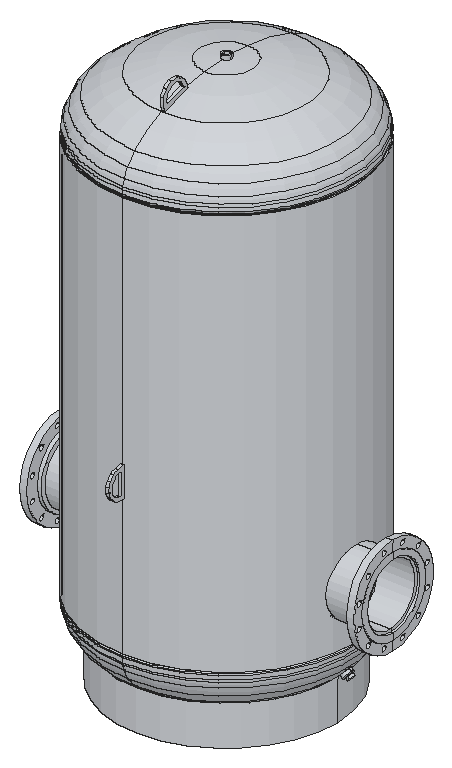
Revit family "CBT-500-10", category Generic Models, Revit 2014
Parameters (values of type "CBT-500-10")
  URL = "http://westank.com/"
  Tank Volume = 500.00 gal
  Part Number = 55420500
  Model = "CBT-500-10"
  Maximum Shipping Weight = 1150 lbf
  Flange Connector Diameter = 10"
  Description = "Wessels ASME Chilled Water Buffer Tanks (CBT) are designed for chilled water systems with insufficient water volume capacity in relation to the chiller capacity."
  D = 21 1/2"
  C = 36"
  B = 90"
  A = 42"
Reference planes (in)
  plane 1 "Center (Front/Back)": y = 0
  plane 2: z = 0
  plane 3 "Center (Left/Right)": x = 0
  plane 4: through (12.55282, -180, 5.24135) normal (0.8192, 0, -0.5736)
  plane 5: x = -21
  plane 6: x = 21
  plane 7: z = 0
  plane 8: x = -18
  plane 9: x = 18
  plane 10: z = 90
  plane 11: x = -0.0258
  plane 12: z = 21.5
Forms (in)
  Revolve 1, solid
    sketch origin (0, -0.02461, 0) x (0, 1, 0) y (0, 0, 1)
      loop
        line (-20.98343, 12.74892) -> (-20.73343, 12.74892)
        arc (-20.73343, 12.74892) -> (-20.73317, 12.69468) -> (-20.75341, 12.64436) r 0.14097
        line (-20.75341, 12.64436) -> (-20.89995, 12.41871)
        arc (-20.89995, 12.41871) -> (-20.95426, 12.32639) -> (-20.972, 12.22075) r 0.29477
        arc (-20.972, 12.22075) -> (-20.95433, 11.87991) -> (-20.91255, 11.54119) r 4.81455
        arc (-20.91255, 11.54119) -> (-20.88738, 11.33901) -> (-20.85518, 11.13783) r 5.85367
        arc (-20.85518, 11.13783) -> (-20.76033, 10.64488) -> (-20.57955, 10.17657) r 2.81886
        arc (-20.57955, 10.17657) -> (-20.25069, 9.40478) -> (-19.83942, 8.67357) r 7.6618
        arc (-19.83942, 8.67357) -> (-19.17724, 7.78342) -> (-18.39344, 6.99824) r 7.6618
        arc (-18.39344, 6.99824) -> (-15.85417, 5.15678) -> (-13.03614, 3.77925) r 18.17851
        arc (-13.03614, 3.77925) -> (-8.72316, 2.45647) -> (-4.26681, 1.75469) r 31.93206
        arc (-4.26681, 1.75469) -> (-2.12278, 1.59929) -> (0.02461, 1.50032) r 81.76029
        line (0.02461, 1.50032) -> (0.02461, 1.67229)
        arc (0.02461, 1.67229) -> (-2.11543, 1.77104) -> (-4.25214, 1.92594) r 81.58842
        arc (-4.25214, 1.92594) -> (-8.6845, 2.62394) -> (-12.97427, 3.9396) r 31.76018
        arc (-12.97427, 3.9396) -> (-15.76565, 5.3041) -> (-18.28091, 7.12815) r 18.00664
        arc (-18.28091, 7.12815) -> (-19.04713, 7.89572) -> (-19.69446, 8.7659) r 7.48992
        arc (-19.69446, 8.7659) -> (-20.0986, 9.48498) -> (-20.42122, 10.24414) r 7.48992
        arc (-20.42122, 10.24414) -> (-20.59471, 10.69085) -> (-20.68482, 11.16153) r 2.64698
        arc (-20.68482, 11.16153) -> (-20.71707, 11.36219) -> (-20.74212, 11.56388) r 5.68179
        arc (-20.74212, 11.56388) -> (-20.78291, 11.89268) -> (-20.80015, 12.22356) r 4.64268
        arc (-20.80015, 12.22356) -> (-20.79107, 12.27197) -> (-20.76371, 12.31293) r 0.12289
        line (-20.76371, 12.31293) -> (-20.60926, 12.55075)
        arc (-20.60926, 12.55075) -> (-20.56519, 12.6582) -> (-20.56335, 12.77432) r 0.31284
        line (-20.56335, 12.77432) -> (-20.73343, 12.77432) -> (-20.73343, 78.726) -> (-20.56335, 78.726)
        arc (-20.56335, 78.726) -> (-20.56519, 78.84212) -> (-20.60926, 78.94957) r 0.31284
        line (-20.60926, 78.94957) -> (-20.76371, 79.18739)
        arc (-20.76371, 79.18739) -> (-20.79107, 79.22835) -> (-20.80015, 79.27676) r 0.12289
        arc (-20.80015, 79.27676) -> (-20.78291, 79.60764) -> (-20.74212, 79.93644) r 4.64268
        arc (-20.74212, 79.93644) -> (-20.71707, 80.13813) -> (-20.68482, 80.33879) r 5.68179
        arc (-20.68482, 80.33879) -> (-20.59471, 80.80947) -> (-20.42122, 81.25618) r 2.64698
        arc (-20.42122, 81.25618) -> (-20.0986, 82.01534) -> (-19.69446, 82.73441) r 7.48992
        arc (-19.69446, 82.73441) -> (-19.04713, 83.6046) -> (-18.28091, 84.37217) r 7.48992
        arc (-18.28091, 84.37217) -> (-15.76565, 86.19622) -> (-12.97427, 87.56072) r 18.00664
        arc (-12.97427, 87.56072) -> (-8.6845, 88.87638) -> (-4.25214, 89.57438) r 31.76018
        arc (-4.25214, 89.57438) -> (-2.11543, 89.72928) -> (0.02461, 89.82803) r 81.58842
        line (0.02461, 89.82803) -> (0.02461, 90)
        arc (0.02461, 90) -> (-2.12278, 89.90102) -> (-4.26681, 89.74563) r 81.76029
        arc (-4.26681, 89.74563) -> (-8.72316, 89.04385) -> (-13.03614, 87.72107) r 31.93206
        arc (-13.03614, 87.72107) -> (-15.85417, 86.34354) -> (-18.39344, 84.50208) r 18.17851
        arc (-18.39344, 84.50208) -> (-19.17724, 83.7169) -> (-19.83942, 82.82675) r 7.6618
        arc (-19.83942, 82.82675) -> (-20.25069, 82.09554) -> (-20.57955, 81.32375) r 7.6618
        arc (-20.57955, 81.32375) -> (-20.76033, 80.85544) -> (-20.85518, 80.36249) r 2.81886
        arc (-20.85518, 80.36249) -> (-20.88738, 80.16131) -> (-20.91255, 79.95913) r 5.85367
        arc (-20.91255, 79.95913) -> (-20.95433, 79.62041) -> (-20.972, 79.27957) r 4.81455
        arc (-20.972, 79.27957) -> (-20.95426, 79.17393) -> (-20.89995, 79.08161) r 0.29477
        line (-20.89995, 79.08161) -> (-20.75341, 78.85596)
        arc (-20.75341, 78.85596) -> (-20.73317, 78.80564) -> (-20.73343, 78.7514) r 0.14097
        line (-20.73343, 78.7514) -> (-20.98343, 78.7514) -> (-20.98343, 12.74892)
      axis (0.02461, 1.50032) -> (0.02461, 90)
    angle from 0 to 360
  Revolve 2, solid
    sketch origin (-3.00177, 0, 1.25063) x (-1, 0, 0) y (0, 0, 1)
      loop
        line (22.06073, 14.87435) -> (22.06073, 14.24932) -> (22.81073, 14.24932) -> (22.81073, 12.24932) -> (23.93561, 12.24932) -> (23.93561, 13.87437) -> (23.99813, 13.87437) -> (23.99813, 14.87435) -> (22.06073, 14.87435)
      axis (23.99813, 20.24937) -> (22.06073, 20.24937)
    angle from 0 to 360
  Revolve 3, solid
    sketch origin (-1.13969, 0, -5.02824) x (0.995224, 0, -0.097616) y (0.097616, 0, 0.995224)
      loop
        line (19.46386, 15.44148) -> (19.41219, 15.47752) -> (19.00069, 14.88753) -> (19.61625, 14.45819) -> (19.99221, 14.99722) -> (19.94095, 15.03298) -> (20.06537, 15.21137) -> (19.55274, 15.56891) -> (19.46386, 15.44148)
      axis (19.00069, 14.88753) -> (19.61625, 14.45819)
    angle from 0 to 360
  Extrusion 4, solid
    sketch origin (19.32293, -180, 8.47558) x (0.649402, 0, 0.760445) y (0, -1, 0)
      loop
        line (-0.16036, -179.52645) -> (-0.95521, -179.68698) -> (-0.79485, -180.48095) -> (0, -180.32042) -> (-0.16036, -179.52645)
    from 1.02698 to 1.52678
  Extrusion 5, solid
    sketch origin (0, -9.07366, 13.98441) x (0, 1, 0) y (0, 0, 1)
      loop
        line (-11.93439, 21.33067) -> (-11.93439, 26.202)
        arc (-11.93439, 26.202) -> (-12.47846, 26.15164) -> (-13.01533, 26.05008) r 5.77422
        arc (-13.01533, 26.05008) -> (-13.49297, 25.89754) -> (-13.94252, 25.67548) r 3.35288
        arc (-13.94252, 25.67548) -> (-14.34081, 25.36666) -> (-14.64962, 24.96837) r 2.0073
        arc (-14.64962, 24.96837) -> (-14.80343, 24.58932) -> (-14.88788, 24.18906) r 2.30742
        arc (-14.88788, 24.18906) -> (-14.91277, 23.77188) -> (-14.88788, 23.3547) r 3.50846
        arc (-14.88788, 23.3547) -> (-14.79412, 22.92876) -> (-14.61961, 22.52904) r 2.24053
        arc (-14.61961, 22.52904) -> (-14.27401, 22.08806) -> (-13.80999, 21.77406) r 1.8078
        arc (-13.80999, 21.77406) -> (-13.34321, 21.55591) -> (-12.84107, 21.44044) r 2.44481
        arc (-12.84107, 21.44044) -> (-12.39043, 21.36326) -> (-11.93439, 21.33067) r 4.65484
      loop
        arc (-12.44611, 25.63929) -> (-12.67227, 25.60073) -> (-12.89654, 25.55235) r 5.2625
        arc (-12.89654, 25.55235) -> (-13.30128, 25.42308) -> (-13.68221, 25.23491) r 2.84116
        arc (-13.68221, 25.23491) -> (-13.97364, 25.01013) -> (-14.20134, 24.72098) r 1.49558
        arc (-14.20134, 24.72098) -> (-14.3163, 24.43235) -> (-14.37979, 24.12821) r 1.7957
        arc (-14.37979, 24.12821) -> (-14.40106, 23.77188) -> (-14.37979, 23.41555) r 2.99674
        arc (-14.37979, 23.41555) -> (-14.30745, 23.08689) -> (-14.17279, 22.77846) r 1.72881
        arc (-14.17279, 22.77846) -> (-13.91552, 22.45353) -> (-13.56884, 22.22643) r 1.29608
        arc (-13.56884, 22.22643) -> (-13.1779, 22.0402) -> (-12.75531, 21.94566) r 1.9331
        arc (-12.75531, 21.94566) -> (-12.60126, 21.91347) -> (-12.44611, 21.88716) r 4.14312
        line (-12.44611, 21.88716) -> (-12.44611, 25.63929)
    from -0.24366 to 0.25634
  Extrusion 6, solid
    sketch origin (0, -30.04333, 70.88779) x (0, 0.284015, -0.95882) y (0, 0.95882, 0.284015)
      loop
        arc (-11.9298, 25.67102) -> (-12.15596, 25.63246) -> (-12.38023, 25.58408) r 5.2625
        arc (-12.38023, 25.58408) -> (-12.78497, 25.45482) -> (-13.16591, 25.26664) r 2.84116
        arc (-13.16591, 25.26664) -> (-13.45733, 25.04186) -> (-13.68503, 24.75271) r 1.49558
        arc (-13.68503, 24.75271) -> (-13.8, 24.46408) -> (-13.86349, 24.15994) r 1.7957
        arc (-13.86349, 24.15994) -> (-13.88475, 23.80361) -> (-13.86349, 23.44728) r 2.99674
        arc (-13.86349, 23.44728) -> (-13.79114, 23.11862) -> (-13.65649, 22.81019) r 1.72881
        arc (-13.65649, 22.81019) -> (-13.39922, 22.48527) -> (-13.05253, 22.25816) r 1.29608
        arc (-13.05253, 22.25816) -> (-12.66159, 22.07193) -> (-12.239, 21.97739) r 1.9331
        arc (-12.239, 21.97739) -> (-12.08496, 21.94521) -> (-11.9298, 21.91889) r 4.14312
        line (-11.9298, 21.91889) -> (-11.9298, 25.67102)
      loop
        line (-11.17132, 21.34265) -> (-11.17132, 26.18028)
        arc (-11.17132, 26.18028) -> (-12.11834, 26.16865) -> (-13.02719, 25.90227) r 3.48194
        arc (-13.02719, 25.90227) -> (-13.54727, 25.6041) -> (-13.99851, 25.20943) r 3.03185
        arc (-13.99851, 25.20943) -> (-14.28248, 24.55653) -> (-14.39992, 23.8543) r 2.91879
        arc (-14.39992, 23.8543) -> (-14.3348, 23.1787) -> (-14.08611, 22.54717) r 2.44012
        arc (-14.08611, 22.54717) -> (-13.716, 22.08641) -> (-13.21844, 21.76749) r 1.83162
        arc (-13.21844, 21.76749) -> (-12.21655, 21.45065) -> (-11.17132, 21.34265) r 5.1769
    from -0.24366 to 0.25634
  Extrusion 7, solid
    sketch origin (0, 0, 0) x (1, 0, 0) y (0, 1, 0)
      loop
        circle (0, 0) r 0.75
      loop
        circle (0, 0) r 0.5
    from 89.70425 to 90.49422
  Extrusion 8, void
    sketch origin (-3.60333, 0.13917, 1.67009) x (0, 1, 0) y (0, 0, -1)
      loop
        circle (1.72712, -26.73055) r 0.5
      loop
        circle (4.92588, -24.87728) r 0.5
      loop
        circle (6.74789, -21.64728) r 0.5
      loop
        circle (6.74789, -17.95978) r 0.5
      loop
        circle (4.91695, -14.7796) r 0.5
      loop
        circle (1.73078, -12.95777) r 0.5
      loop
        circle (-2.00546, -26.73055) r 0.5
      loop
        circle (-5.20422, -24.87728) r 0.5
      loop
        circle (-7.02623, -21.64728) r 0.5
      loop
        circle (-7.02623, -17.95978) r 0.5
      loop
        circle (-5.19529, -14.7796) r 0.5
      loop
        circle (-2.00912, -12.95777) r 0.5
    from 20.48716 to 24.39667
  Extrusion 9, void
    sketch origin (0, 0, 0) x (1, 0, 0) y (0, 1, 0)
      loop
        circle (0, 0) r 0.5
    from 88.08986 to 91.45113
  Revolve 10, solid
    sketch origin (0, 0, 0) x (1, 0, 0) y (0, 0, 1)
      loop
        line (17.85452, 6.52775) -> (17.85452, 0) -> (18, 0) -> (18, 6.52775) -> (17.85452, 6.52775)
      axis (0, 6.52775) -> (0, 0)
    angle from 0 to 360
  Revolve 11, solid
    sketch origin (-3.60333, 0, 1.22133) x (1, 0, 0) y (0, 0, 1)
      loop
        line (-16.14667, 15.26854) -> (-22.90352, 15.26854) -> (-22.90352, 14.9037) -> (-16.14667, 14.9037) -> (-16.14667, 15.26854)
      axis (-22.90352, 20.27867) -> (-16.14667, 20.27867)
    angle from 0 to 360
  Extrusion 12, void
    sketch origin (0, 0, 0.25) x (0, 1, 0) y (0, 0, 1)
      loop
        circle (0, 21.25) r 5.01012
    from -27.00827 to 26.24257
  Revolve 13, solid
    sketch origin (3.00177, 0, 1.25063) x (1, 0, 0) y (0, 0, 1)
      loop
        line (22.06073, 14.87435) -> (22.06073, 14.24932) -> (22.81073, 14.24932) -> (22.81073, 12.24932) -> (23.93561, 12.24932) -> (23.93561, 13.87437) -> (23.99813, 13.87437) -> (23.99813, 14.87435) -> (22.06073, 14.87435)
      axis (23.99813, 20.24937) -> (22.06073, 20.24937)
    angle from 0 to 360
  Extrusion 14, void
    sketch origin (3.60333, 0.13917, 1.67009) x (0, 1, 0) y (0, 0, 1)
      loop
        circle (1.72712, 26.73055) r 0.5
      loop
        circle (4.92588, 24.87728) r 0.5
      loop
        circle (6.74789, 21.64728) r 0.5
      loop
        circle (6.74789, 17.95978) r 0.5
      loop
        circle (4.91695, 14.7796) r 0.5
      loop
        circle (1.73078, 12.95777) r 0.5
      loop
        circle (-2.00546, 26.73055) r 0.5
      loop
        circle (-5.20422, 24.87728) r 0.5
      loop
        circle (-7.02623, 21.64728) r 0.5
      loop
        circle (-7.02623, 17.95978) r 0.5
      loop
        circle (-5.19529, 14.7796) r 0.5
      loop
        circle (-2.00912, 12.95777) r 0.5
    from 20.48716 to 24.39667
  Revolve 15, solid
    sketch origin (3.60333, 0, 1.22133) x (-1, 0, 0) y (0, 0, 1)
      loop
        line (-16.14667, 15.26854) -> (-22.90352, 15.26854) -> (-22.90352, 14.9037) -> (-16.14667, 14.9037) -> (-16.14667, 15.26854)
      axis (-22.90352, 20.27867) -> (-16.14667, 20.27867)
    angle from 0 to 360
Cuts and joins
  joined: Extrusion 4, Extrusion 5, Extrusion 6, Extrusion 7, Revolve 10
  Extrusion 9, Extrusion 12 cuts Revolve 1
  Extrusion 8, Extrusion 14 cuts Revolve 2
  Extrusion 14 cuts Revolve 13
Dimensions and locks (in)
  "C": plane 9 to plane 8
  "B": plane 10 to level
  "A": plane 6 to plane 5
  "D": plane 12 to level
  aligned and locked: plane 2 to level
  aligned and locked: Revolve 10 sketch curve to plane 3 "Center (Left/Right)"
Automatic sketch dimensions
  Revolve 1 sketch curve to Revolve 1 sketch curve = 0"  (x70)
  Revolve 1 sketch curve to plane 1 "Center (Front/Back)" = 0"  (x3)
  Revolve 1 sketch curve to plane 10 = 0"
  plane 1 "Center (Front/Back)" to Revolve 1 sketch curve = 1.56462"  (x2)
  Revolve 1 sketch curve to plane 12 = 0.76119"
  plane 1 "Center (Front/Back)" to Revolve 1 sketch curve = 6.51615"  (x2)
  Revolve 1 sketch curve to plane 12 = 8.71045"
  Revolve 1 sketch curve to Revolve 1 sketch curve = 6.88554"  (x2)
  Revolve 1 sketch curve to Revolve 1 sketch curve = 1.71494"  (x2)
  Revolve 1 sketch curve to Revolve 1 sketch curve = 1.06607"  (x2)
  Revolve 1 sketch curve to Revolve 1 sketch curve = 1.89257"  (x2)
  Revolve 1 sketch curve to Revolve 1 sketch curve = 2.51268"  (x2)
  Revolve 1 sketch curve to plane 10 = 11.05043"
  Revolve 1 sketch curve to Revolve 1 sketch curve = 0.04592"  (x2)
  Revolve 1 sketch curve to plane 12 = 8.94925"
  Revolve 1 sketch curve to Revolve 1 sketch curve = 0.06801"  (x2)
  Revolve 1 sketch curve to Revolve 1 sketch curve = 0.17009"
  Revolve 1 sketch curve to plane 10 = 11.14404"
  Revolve 1 sketch curve to Revolve 1 sketch curve = 0.01998"  (x2)
  Revolve 1 sketch curve to plane 12 = 8.85564"
  Revolve 1 sketch curve to Revolve 1 sketch curve = 0.08643"  (x2)
  Revolve 1 sketch curve to plane 12 = 9.18707"
  Revolve 1 sketch curve to Revolve 1 sketch curve = 0.1382"  (x2)
  Revolve 1 sketch curve to plane 10 = 10.91839"
  Revolve 1 sketch curve to Revolve 1 sketch curve = 0.13624"  (x2)
  Revolve 1 sketch curve to plane 12 = 9.08129"
  Revolve 1 sketch curve to Revolve 1 sketch curve = 0.1118"
  Revolve 1 sketch curve to plane 1 "Center (Front/Back)" = 2.6904"  (x2)
  Revolve 1 sketch curve to Revolve 1 sketch curve = 0.49002"  (x2)
  Revolve 1 sketch curve to Revolve 1 sketch curve = 0.08736"  (x2)
  Revolve 1 sketch curve to Revolve 1 sketch curve = 0.1363"  (x2)
  Revolve 1 sketch curve to Revolve 1 sketch curve = 0.87766"  (x2)
  level to Revolve 1 sketch curve = 8.28399"
  level to Revolve 1 sketch curve = 1.67229"
  Revolve 1 sketch curve to Revolve 1 sketch curve = 0.17197"
  Revolve 1 sketch curve to Revolve 1 sketch curve = 0.07678"
  plane 12 to Revolve 1 sketch curve = 12.07011"
  Revolve 1 sketch curve to Revolve 1 sketch curve = 24.3601"
  Revolve 1 sketch curve to Revolve 1 sketch curve = 12.8313"
  Revolve 1 sketch curve to Revolve 1 sketch curve = 0.2388"
  Revolve 1 sketch curve to Revolve 1 sketch curve = 0.12996"
  Revolve 1 sketch curve to Revolve 1 sketch curve = 0.10578"
  Revolve 1 sketch curve to plane 10 = 6.78367"
  Revolve 1 sketch curve to plane 10 = 0.17197"
  Revolve 1 sketch curve to Revolve 1 sketch curve = 1.41355"  (x2)
  Revolve 1 sketch curve to Revolve 1 sketch curve = 0.14497"  (x2)
  Revolve 1 sketch curve to Revolve 1 sketch curve = 0.72676"  (x2)
  Revolve 1 sketch curve to Revolve 1 sketch curve = 0.15833"  (x2)
  Revolve 1 sketch curve to Revolve 1 sketch curve = 0.26361"  (x2)
  Revolve 1 sketch curve to Revolve 1 sketch curve = 0.0573"  (x2)
  Revolve 1 sketch curve to Revolve 1 sketch curve = 0.17036"  (x2)
  Revolve 1 sketch curve to Revolve 1 sketch curve = 0.17043"  (x2)
  Revolve 1 sketch curve to Revolve 1 sketch curve = 4.67702"
  Revolve 1 sketch curve to Revolve 1 sketch curve = 0.92702"
  Revolve 2 sketch curve to plane 12 = 0"
  plane 5 to Revolve 2 sketch curve = 4 1/16"
  Revolve 2 sketch curve to Revolve 2 sketch curve = 3/4"
  Revolve 2 sketch curve to Revolve 2 sketch curve = 1.12488"
  Revolve 2 sketch curve to Revolve 2 sketch curve = 0.06252"
  plane 12 to Revolve 2 sketch curve = 5.37502"
  Revolve 2 sketch curve to Revolve 2 sketch curve = 0.62503"
  Revolve 2 sketch curve to Revolve 2 sketch curve = 0.99998"
  Revolve 2 sketch curve to Revolve 2 sketch curve = 1.62506"
  plane 5 to Revolve 2 sketch curve = 1.9734"
  Revolve 2 sketch curve to Revolve 2 sketch curve = 0.68278"
  plane 9 to Revolve 3 sketch curve = 1.22351"
  plane 4 to Revolve 3 sketch curve = 3.92021"
  Revolve 3 sketch curve to Revolve 3 sketch curve = 0.4115"
  Revolve 3 sketch curve to Revolve 3 sketch curve = 0.05167"
  Revolve 3 sketch curve to Revolve 3 sketch curve = 0.08888"
  Revolve 3 sketch curve to Revolve 3 sketch curve = 0.61556"
  Revolve 3 sketch curve to Revolve 3 sketch curve = 0.47709"
  Revolve 3 sketch curve to Revolve 3 sketch curve = 0.05126"
  Revolve 3 sketch curve to Revolve 3 sketch curve = 0.42934"
  Revolve 3 sketch curve to Revolve 3 sketch curve = 0.12768"
  Revolve 3 sketch curve to Revolve 3 sketch curve = 0"  (x2)
  Revolve 3 sketch curve to Revolve 3 sketch curve = 0.08905"
  plane 1 "Center (Front/Back)" to Extrusion 4 sketch curve = 0.31302"
  Extrusion 4 sketch curve to plane 1 "Center (Front/Back)" = 0.48095"
  Extrusion 4 sketch curve to Extrusion 4 sketch curve = 0.16036"  (x2)
  plane 1 "Center (Front/Back)" to Extrusion 4 sketch curve = 0.47355"
  Extrusion 4 sketch curve to Extrusion 4 sketch curve = 0.79485"
  Extrusion 4 sketch curve to plane 1 "Center (Front/Back)" = 0.32042"
  Extrusion 5 sketch curve to Extrusion 5 sketch curve = 0"  (x24)
  plane 1 "Center (Front/Back)" to Extrusion 5 sketch curve = 22.11476"
  Extrusion 5 sketch curve to Extrusion 5 sketch curve = 0.11966"
  Extrusion 5 sketch curve to Extrusion 5 sketch curve = 0.25819"
  Extrusion 5 sketch curve to Extrusion 5 sketch curve = 17/256"
  Extrusion 5 sketch curve to Extrusion 5 sketch curve = 0.04958"
  Extrusion 5 sketch curve to Extrusion 5 sketch curve = 0.15073"
  Extrusion 5 sketch curve to Extrusion 5 sketch curve = 0.20915"
  Extrusion 5 sketch curve to Extrusion 5 sketch curve = 131/256"
  Extrusion 5 sketch curve to Extrusion 5 sketch curve = 0.10338"
  Extrusion 5 sketch curve to Extrusion 5 sketch curve = 0.25955"
  Extrusion 5 sketch curve to Extrusion 5 sketch curve = 1.14294"
  plane 12 to Extrusion 5 sketch curve = 12.91803"
  Extrusion 5 sketch curve to Extrusion 5 sketch curve = 0.89706"
  Extrusion 5 sketch curve to Extrusion 5 sketch curve = 0.55648"
  Extrusion 5 sketch curve to Extrusion 5 sketch curve = 0.90165"
  Extrusion 5 sketch curve to Extrusion 5 sketch curve = 0.62139"
  Extrusion 5 sketch curve to Extrusion 5 sketch curve = 27/128"
  Extrusion 5 sketch curve to Extrusion 5 sketch curve = 0.15076"
  Extrusion 5 sketch curve to Extrusion 5 sketch curve = 0.24641"
  Extrusion 5 sketch curve to Extrusion 5 sketch curve = 0.04716"
  Extrusion 5 sketch curve to Extrusion 5 sketch curve = 0.0326"
  Extrusion 5 sketch curve to Extrusion 5 sketch curve = 1.7246"
  Extrusion 5 sketch curve to Extrusion 5 sketch curve = 0.34507"
  Extrusion 5 sketch curve to Extrusion 5 sketch curve = 0.21764"
  Extrusion 5 sketch curve to Extrusion 5 sketch curve = 1.12273"
  Extrusion 5 sketch curve to Extrusion 5 sketch curve = 0.78568"
  Extrusion 5 sketch curve to Extrusion 5 sketch curve = 0.24115"
  Extrusion 5 sketch curve to Extrusion 5 sketch curve = 0.2603"
  Extrusion 5 sketch curve to Extrusion 5 sketch curve = 0.60395"
  Extrusion 5 sketch curve to Extrusion 5 sketch curve = 0.51913"
  Extrusion 5 sketch curve to Extrusion 5 sketch curve = 0.44682"
  Extrusion 5 sketch curve to Extrusion 5 sketch curve = 0.44829"
  Extrusion 6 sketch curve to plane 10 = 57/128"
  plane 1 "Center (Front/Back)" to Extrusion 6 sketch curve = 11.12398"
  Extrusion 6 sketch curve to Extrusion 6 sketch curve = 0.03301"
  Extrusion 6 sketch curve to Extrusion 6 sketch curve = 0.08665"
  Extrusion 6 sketch curve to Extrusion 6 sketch curve = 0.34483"
  Extrusion 6 sketch curve to Extrusion 6 sketch curve = 17/256"
  Extrusion 6 sketch curve to Extrusion 6 sketch curve = 0.04958"
  Extrusion 6 sketch curve to Extrusion 6 sketch curve = 0.06885"
  Extrusion 6 sketch curve to Extrusion 6 sketch curve = 0.56197"
  Extrusion 6 sketch curve to Extrusion 6 sketch curve = 0.36028"
  Extrusion 6 sketch curve to Extrusion 6 sketch curve = 0.06601"
  Extrusion 6 sketch curve to Extrusion 6 sketch curve = 0.11815"
  Extrusion 6 sketch curve to Extrusion 6 sketch curve = 0.47821"
  Extrusion 6 sketch curve to Extrusion 6 sketch curve = 0.75848"
  Extrusion 6 sketch curve to Extrusion 6 sketch curve = 0.14338"
  Extrusion 6 sketch curve to Extrusion 6 sketch curve = 0.00673"
  Extrusion 6 sketch curve to Extrusion 6 sketch curve = 0.01279"
  Extrusion 6 sketch curve to Extrusion 6 sketch curve = 0.59588"
  Extrusion 6 sketch curve to Extrusion 6 sketch curve = 0.3061"
  Extrusion 6 sketch curve to Extrusion 6 sketch curve = 0.31529"
  Extrusion 6 sketch curve to Extrusion 6 sketch curve = 0.0954"
  Extrusion 6 sketch curve to Extrusion 6 sketch curve = 0.80625"
  Extrusion 6 sketch curve to Extrusion 6 sketch curve = 0.57624"
  Extrusion 6 sketch curve to Extrusion 6 sketch curve = 0.8773"
  Extrusion 6 sketch curve to Extrusion 6 sketch curve = 0.00686"
  Extrusion 6 sketch curve to Extrusion 6 sketch curve = 0.20406"
  Extrusion 6 sketch curve to Extrusion 6 sketch curve = 0.59172"
  Extrusion 6 sketch curve to Extrusion 6 sketch curve = 0.09548"
  Extrusion 6 sketch curve to Extrusion 6 sketch curve = 0.07607"
  Extrusion 6 sketch curve to Extrusion 6 sketch curve = 0.15093"
  Extrusion 6 sketch curve to Extrusion 6 sketch curve = 0.04716"
  Extrusion 6 sketch curve to Extrusion 6 sketch curve = 0.0326"
  Extrusion 6 sketch curve to Extrusion 6 sketch curve = 1.7246"
  Extrusion 6 sketch curve to Extrusion 6 sketch curve = 0.34507"
  Extrusion 6 sketch curve to Extrusion 6 sketch curve = 0.16418"
  Extrusion 6 sketch curve to Extrusion 6 sketch curve = 0.33927"
  Extrusion 6 sketch curve to Extrusion 6 sketch curve = 0"  (x6)
  Extrusion 6 sketch curve to Extrusion 6 sketch curve = 0.1659"
  Extrusion 6 sketch curve to Extrusion 6 sketch curve = 0.13872"
  Extrusion 6 sketch curve to Extrusion 6 sketch curve = 0.42962"
  Extrusion 6 sketch curve to Extrusion 6 sketch curve = 0.51913"
  Extrusion 6 sketch curve to Extrusion 6 sketch curve = 0.31348"
  Extrusion 7 sketch curve to Extrusion 7 sketch curve = 0"  (x2)
  plane 1 "Center (Front/Back)" to Extrusion 7 sketch curve = 0"
  Extrusion 7 sketch curve to plane 3 "Center (Left/Right)" = 0"
  plane 12 to Extrusion 8 sketch curve = 1.81737"  (x2)
  plane 1 "Center (Front/Back)" to Extrusion 8 sketch curve = 6.88706"
  Extrusion 8 sketch curve to Extrusion 8 sketch curve = 0"
  Extrusion 8 sketch curve to Extrusion 8 sketch curve = 1.82202"  (x2)
  Extrusion 8 sketch curve to Extrusion 8 sketch curve = 1.83095"  (x2)
  plane 1 "Center (Front/Back)" to Extrusion 8 sketch curve = 1.86995"
  plane 1 "Center (Front/Back)" to Extrusion 8 sketch curve = 1.86629"
  Extrusion 8 sketch curve to plane 1 "Center (Front/Back)" = 1.86629"
  Extrusion 8 sketch curve to plane 1 "Center (Front/Back)" = 1.86995"
  Extrusion 8 sketch curve to Extrusion 8 sketch curve = 3.18617"
  Extrusion 8 sketch curve to Extrusion 8 sketch curve = 3.19875"
  Extrusion 8 sketch curve to Extrusion 8 sketch curve = 3.23"  (x2)
  Extrusion 8 sketch curve to Extrusion 8 sketch curve = 1.85327"  (x2)
  Extrusion 8 sketch curve to plane 12 = 1.87013"  (x2)
  Extrusion 8 sketch curve to Extrusion 8 sketch curve = 3.18018"  (x2)
  Extrusion 8 sketch curve to Extrusion 8 sketch curve = 1.82183"  (x2)
  Extrusion 9 sketch curve to Extrusion 9 sketch curve = 0"  (x2)
  plane 1 "Center (Front/Back)" to Extrusion 9 sketch curve = 0"
  Extrusion 9 sketch curve to plane 3 "Center (Left/Right)" = 0"
  plane 11 to Extrusion 9 sketch curve = 0.4742"
  Revolve 10 sketch curve to level = 0"
  Revolve 10 sketch curve to plane 9 = 0"
  Revolve 10 sketch curve to plane 9 = 0.14548"
  level to Revolve 10 sketch curve = 6.52775"
  level to Revolve 10 sketch curve = 4.69941"
  Revolve 10 sketch curve to Revolve 10 sketch curve = 1"
  Revolve 11 sketch curve to plane 12 = 0"
  Revolve 11 sketch curve to plane 5 = 5.50686"
  plane 5 to Revolve 11 sketch curve = 1 1/4"
  Revolve 11 sketch curve to plane 12 = 5.01012"
  Revolve 11 sketch curve to Revolve 11 sketch curve = 0.36484"
  Revolve 11 sketch curve to plane 5 = 1.90923"
  Revolve 11 sketch curve to Revolve 11 sketch curve = 0.36015"
  Extrusion 12 sketch curve to Extrusion 12 sketch curve = 0"  (x2)
  Extrusion 12 sketch curve to plane 1 "Center (Front/Back)" = 0"
  Extrusion 12 sketch curve to plane 12 = 0"
  Extrusion 12 sketch curve to Extrusion 12 sketch curve = 5.01012"
  Revolve 13 sketch curve to plane 12 = 0"
  plane 6 to Revolve 13 sketch curve = 4 1/16"
  Revolve 13 sketch curve to Revolve 13 sketch curve = 3/4"
  Revolve 13 sketch curve to Revolve 13 sketch curve = 1.12488"
  Revolve 13 sketch curve to Revolve 13 sketch curve = 0.06252"
  Revolve 13 sketch curve to plane 12 = 5.37502"
  Revolve 13 sketch curve to Revolve 13 sketch curve = 0.62503"
  Revolve 13 sketch curve to Revolve 13 sketch curve = 0.99998"
  Revolve 13 sketch curve to Revolve 13 sketch curve = 1.62506"
  plane 6 to Revolve 13 sketch curve = 1.9734"
  Revolve 13 sketch curve to Revolve 13 sketch curve = 0.68278"
  plane 12 to Extrusion 14 sketch curve = 1.81737"  (x2)
  plane 1 "Center (Front/Back)" to Extrusion 14 sketch curve = 6.88706"
  Extrusion 14 sketch curve to Extrusion 14 sketch curve = 0"
  Extrusion 14 sketch curve to Extrusion 14 sketch curve = 1.82202"  (x2)
  Extrusion 14 sketch curve to Extrusion 14 sketch curve = 1.83095"  (x2)
  plane 1 "Center (Front/Back)" to Extrusion 14 sketch curve = 1.86995"
  plane 1 "Center (Front/Back)" to Extrusion 14 sketch curve = 1.86629"
  Extrusion 14 sketch curve to plane 1 "Center (Front/Back)" = 1.86629"
  Extrusion 14 sketch curve to plane 1 "Center (Front/Back)" = 1.86995"
  Extrusion 14 sketch curve to Extrusion 14 sketch curve = 3.18617"
  Extrusion 14 sketch curve to Extrusion 14 sketch curve = 3.19875"
  Extrusion 14 sketch curve to plane 12 = 1.87013"  (x2)
  Extrusion 14 sketch curve to Extrusion 14 sketch curve = 3.18018"  (x2)
  Extrusion 14 sketch curve to Extrusion 14 sketch curve = 1.82183"  (x2)
  Extrusion 14 sketch curve to Extrusion 14 sketch curve = 3.23"  (x2)
  Extrusion 14 sketch curve to Extrusion 14 sketch curve = 1.85327"  (x2)
  Revolve 15 sketch curve to plane 12 = 0"
  Revolve 15 sketch curve to plane 6 = 5.50686"
  plane 6 to Revolve 15 sketch curve = 1 1/4"
  plane 12 to Revolve 15 sketch curve = 5.01012"
  Revolve 15 sketch curve to Revolve 15 sketch curve = 0.36484"
  Revolve 15 sketch curve to plane 6 = 1.90923"
  Revolve 15 sketch curve to Revolve 15 sketch curve = 0.36015"
  radius of Extrusion 7 sketch curve = 3/4"
  radius of Extrusion 7 sketch curve = 1/2"
  radius of Extrusion 8 sketch curve = 1/2"  (x12)
  radius of Extrusion 14 sketch curve = 1/2"  (x12)
Connectors (in)
  piping at (26.9999, 0, 21.5), diameter 10, driven by "Flange Connector Diameter"
    settings: on Revolve 13, index 1, connector inside diameter 24", connector length 0", flow factor 0, pipe flow 0 GPM, pressure drop 0.00 psi, fitting loss kfactor 0, connector angle 0.00°, fixture units 0, engagement length 0", angle of deflection 0.00°, flow configuration 0, flow direction 0, fitting loss method 0, system type 7, joint type 0, gender type 0, connector reference index 2, connector utility 0, adjustable connector no, is connector primary yes, connector description ""
  piping at (-26.9999, 0, 21.5), diameter 10, driven by "Flange Connector Diameter"
    settings: on cut or joined group of Revolve 2, Extrusion 8, Extrusion 14, index 2, connector inside diameter 24", connector length 0", flow factor 0, pipe flow 0 GPM, pressure drop 0.00 psi, fitting loss kfactor 0, connector angle 0.00°, fixture units 0, engagement length 0", angle of deflection 0.00°, flow configuration 0, flow direction 0, fitting loss method 0, system type 7, joint type 0, gender type 0, connector reference index 1, connector utility 0, adjustable connector no, is connector primary no, connector description ""
